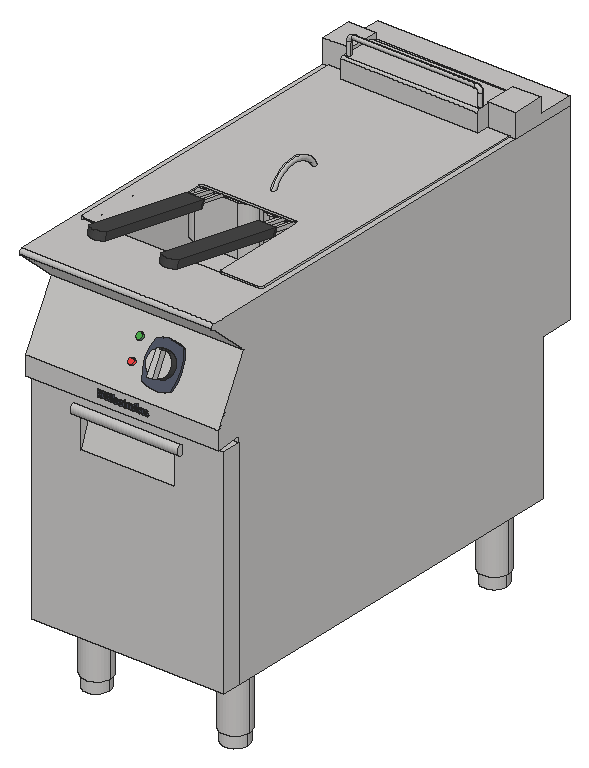
Revit family "QF_ELECTROLUXPROFESSIONAL_391094_E9FRED1HF0", category Specialty Equipment, Revit 2018
Family settings
  Round Connector Dimension = Use Diameter
  Part Type = Normal
  Work Plane-Based = No
  Always vertical = Yes
  Cut with Voids When Loaded = No
  Shared = No
  Room Calculation Point = No
Parameters
  Width = 400 mm  # constant formula
  Weight in Pounds = 57  # constant formula
  Watts = 0 W
  Volts = 400 V  # constant formula
  URL Cutsheet = "www.electrolux.com/foodservice"
  URL = "www.electrolux.com/foodservice"
  Type Mark [instance] = ""
  Status [instance] = ""
  Specification by User [instance] = ""
  Specification by Manufacturer = ""
  Show Logo [instance] = yes
  Show Clearance [instance] = yes
  Serial Number = ""
  Seismic Rating = ""
  SMACNA No = ""
  Revision Code [instance] = ""
  Phase = 3
  Omniclass Number and Title = ""
  Number of Poles [instance] = 1
  NAFEM Spec ID Number = ""
  Model = "391094"
  Min Ckt Ampacity = 0 A
  Max Overcurrent Protection = 0 A
  Masterspec = ""
  Manufacturer = "ELECTROLUX"
  Item Number [instance] = ""
  Installed By [instance] = ""
  Identify Quantity as Lot [instance] = yes
  Height = 851 mm  # constant formula
  HP = "22.1 HP"
  Furnished By [instance] = ""
  Foodservice Equipment Identifier [instance] = yes
  FL Amps = if(Phase = 3, Watts / (Volts * 1.73), Watts / Volts)  # 0 A
  Electrical Remarks [instance] = "400 V/3N ph/50/60 Hz"  # constant formula
  Electric Connection Type [instance] = ""
  Elec Conn RI Height [instance] = 0 mm
  Elec Conn Connection Height [instance] = 0 mm
  Direct Waste Size = 0"
  Description = "900XP ONE 18 LT WELL ELECTRIC FRYER -400 V"
  Depth = 930 mm  # constant formula
  Cycle [instance] = if([60 Hertz Option], 60 Hz, 50 Hz)  # 60 Hz
  Conn Plug = ""
  Conn Conduit = yes
  CSI MasterFormat = ""
  CSI Master Format = ""
  Base Height [instance] = 150 mm  # constant formula
  Apparent Power = if(Phase = 3, Volts * FL Amps * 1.73, Volts * FL Amps)  # 0 VA
  60 Hertz Option [instance] = not([50 Hertz Option])  # yes
  50 Hertz Option [instance] = no
Reference planes
  plane 1 "BACK": y = 0
  plane 2: z = 0
  plane 3 "LEFT": x = 0
  plane 4 "RIGHT": x = 400
  plane 5 "FRONT": y = -930
  plane 6 "TOP": z = 900
  plane 7 "Center Y": x = 200
  plane 8 "Center X": y = -465
  plane 9 "BASE": z = 601.763
  plane 10 "TOP A": z = 851
  plane 11: z = 150
  plane 12: y = -126
  plane 13: y = -800
  plane 14: y = -1273
  plane 15: x = 344
  plane 16: x = 56
  plane 17: x = 344
  plane 18: z = 915.999
  plane 19: z = 935
  plane 20: z = 935
  plane 21: x = 355
  plane 22: y = -1273
  plane 23: y = -1610
Forms (mm)
  Extrusion 1, solid, material "QF_Finishes_Stainless Steel"
    sketch origin (0, 0, 0) x (0, 1, 0) y (0, 0, 1)
      loop
        line (0, 851) -> (-923.65, 851)
        arc (-923.65, 851) -> (-929.517, 847.08) -> (-928.14, 840.16) r 6.35
        line (-928.14, 840.16) -> (-846.919, 767.809) -> (-913.522, 646.953) -> (-913.522, 608.853) -> (-860.15, 614.463) -> (-860.15, 150) -> (-70, 150) -> (-70, 451.763) -> (0, 451.763) -> (0, 851)
      loop
        line (-900, 601.763) -> (-900, 150) -> (-861.737, 150) -> (-861.737, 601.763) -> (-900, 601.763)
    from 0 to 400
  Extrusion 2, void
    sketch origin (0, 0, 851) x (-1, 0, 0) y (0, -1, 0)
      loop
        line (-33.338, 90.124) -> (-33.338, 787.143) -> (-366.662, 787.143) -> (-366.662, 90.124) -> (-33.338, 90.124)
    from 0 to -152.4
  Extrusion 3, solid, material "QF_Finishes_Stainless Steel"
    sketch origin (0, 0, 851) x (-1, 0, 0) y (0, -1, 0)
      loop
        arc (-11.548, 780.793) -> (-13.408, 785.283) -> (-17.898, 787.143) r 6.35
        line (-17.898, 787.143) -> (-90.863, 787.143)
        arc (-90.863, 787.143) -> (-95.353, 785.283) -> (-97.213, 780.793) r 6.35
        line (-97.213, 780.793) -> (-97.213, 586.546)
        arc (-97.213, 586.546) -> (-99.072, 582.055) -> (-103.563, 580.196) r 6.35
        line (-103.563, 580.196) -> (-293.937, 580.196)
        arc (-293.937, 580.196) -> (-298.428, 582.055) -> (-300.287, 586.546) r 6.35
        line (-300.287, 586.546) -> (-300.287, 780.818)
        arc (-300.287, 780.818) -> (-302.14, 785.291) -> (-306.612, 787.143) r 6.325
        line (-306.612, 787.143) -> (-382.102, 787.143)
        arc (-382.102, 787.143) -> (-386.592, 785.283) -> (-388.452, 780.793) r 6.35
        line (-388.452, 780.793) -> (-388.452, 141.304) -> (-11.548, 141.304) -> (-11.548, 780.793)
    from 0 to 2.574
  Sweep 4, solid, material "QF_Finishes_Stainless Steel"
    path origin (200, 10.469, 0) x (0, 1, 0) y (0, 0, 1)
      loop
        arc (-423.261, 851) -> (-477.7, 884.779) -> (-532.139, 851) r 60.757
    profile origin (200, -467.231, 884.779) x (0, 0, -1) y (1, 0, 0)
      loop
        circle (0, 0) r 4.353
  Sweep 5, solid, material "QF_Finishes_Stainless Steel"
    path origin (-1.25, 0, 0) x (1, 0, 0) y (0, 0, 1)
      loop
        line (67.188, 851) -> (67.188, 922.65)
        arc (67.188, 922.65) -> (69.047, 927.14) -> (73.538, 929) r 6.35
        line (73.538, 929) -> (329.725, 929)
        arc (329.725, 929) -> (334.215, 927.14) -> (336.075, 922.65) r 6.35
        line (336.075, 922.65) -> (336.075, 851)
    profile origin (65.938, 0, 886.825) x (-1, 0, 0) y (0, -1, 0)
      loop
        circle (2.09, 153.254) r 3.827
  Extrusion 6, solid, material "QF_Finishes_Navy Blue"
    sketch origin (99.675, -913.522, 646.19) x (0, 0.482654, 0.875811) y (-1, 0, 0)
      loop
        arc (105.826, -132.614) -> (68.798, -123.683) -> (31.333, -130.552) r 91.794
        arc (31.333, -130.552) -> (24.218, -161.14) -> (31.333, -191.729) r 69.309
        arc (31.333, -191.729) -> (68.788, -198.45) -> (105.826, -189.715) r 93.659
        arc (105.826, -189.715) -> (112.066, -161.165) -> (105.826, -132.614) r 68.434
    from 0 to 3.175
  Extrusion 7, solid, material "QF_Finishes_Stainless Steel"
    sketch origin (99.675, -916.303, 647.723) x (0, 0.482654, 0.875811) y (-1, 0, 0)
      loop
        circle (68.826, -160.963) r 25.4
    from 0 to 12.7
  Extrusion 8, solid, material "QF_Finishes_Stainless Steel"
    sketch origin (99.675, -927.425, 653.853) x (0, 0.482654, 0.875811) y (-1, 0, 0)
      loop
        arc (93.558, -166.749) -> (94.226, -160.963) -> (93.558, -155.177) r 25.4
        line (93.558, -155.177) -> (44.094, -155.177)
        arc (44.094, -155.177) -> (43.426, -160.963) -> (44.094, -166.749) r 25.4
        line (44.094, -166.749) -> (93.558, -166.749)
    from 0 to 12.7
  Extrusion 9, solid, material "QF_Finishes_Green"
    sketch origin (39.327, -913.522, 646.19) x (0, 0.482654, 0.875811) y (-1, 0, 0)
      loop
        circle (98.315, -160.648) r 6.35
    from 0 to 3.175
  Extrusion 10, solid, material "QF_Finishes_Red"
    sketch origin (39.327, -920.158, 634.148) x (0, 0.482654, 0.875811) y (-1, 0, 0)
      loop
        circle (68.272, -160.648) r 6.35
    from 0 to 3.175
  Extrusion 11, solid, material "QF_Clearances", visible <- "Show Clearance", detail levels coarse
    sketch origin (0, 0, 0) x (1, 0, 0) y (0, 1, 0)
      loop
        line (0, -930) -> (0, 0) -> (400, 0) -> (400, -930) -> (550.019, -930) -> (550.019, 150.019) -> (-150.019, 150.019) -> (-150.019, -930) -> (0, -930)
    from 0 to 900
  Extrusion 12, solid, material "QF_Finishes_Stainless Steel"
    sketch origin (190.962, 109.846, 107.43) x (0, 0.984808, 0.173648) y (0, -0.173648, 0.984808)
      loop
        line (-552.44, 743.096) -> (-534.513, 844.764) -> (-598.426, 869.678) -> (-600.732, 863.761) -> (-541.671, 840.739) -> (-558.694, 744.199) -> (-552.44, 743.096)
    from -80.476 to -74.619
  Extrusion 13, solid, material "QF_Finishes_Stainless Steel"
    sketch origin (59.088, 109.846, 107.43) x (0, 0.984808, 0.173648) y (0, 0.173648, -0.984808)
      loop
        line (-534.513, -844.764) -> (-552.44, -743.096) -> (-558.694, -744.199) -> (-541.671, -840.739) -> (-600.732, -863.761) -> (-598.426, -869.678) -> (-534.513, -844.764)
    from -80.476 to -74.619
  Revolve 14, solid, material "QF_Finishes_Stainless Steel"
    sketch origin (0, -126, 608.09) x (0, 0, 1) y (-1, 0, 0)
      loop
        line (-608.09, -56) -> (-458.09, -56) -> (-458.09, -26) -> (-583.09, -26) -> (-583.09, -29.75) -> (-608.09, -29.75) -> (-608.09, -56)
      axis (-608.09, -56) -> (-458.09, -56)
    angle from 0 to 360
  Revolve 15, solid, material "QF_Finishes_Stainless Steel"
    sketch origin (400.05, -126, 608.09) x (0, 0, 1) y (-1, 0, 0)
      loop
        line (-608.09, 56.05) -> (-608.09, 29.8) -> (-583.09, 29.8) -> (-583.09, 26.05) -> (-458.09, 26.05) -> (-458.09, 56.05) -> (-608.09, 56.05)
      axis (-608.09, 56.05) -> (-458.09, 56.05)
    angle from 0 to 360
  Extrusion 16, solid, material "QF_Door-Drawer Clearances", visible <- "Show Clearance", detail levels coarse
    sketch origin (0, 0, 851) x (-1, 0, 0) y (0, -1, 0)
      loop
        line (-400, 1273) -> (-400, 900) -> (-0.912, 900)
        arc (-0.912, 900) -> (-126.87, 1165.233) -> (-400, 1273) r 400
    from -701 to -249.237
  Extrusion 17, solid, material "QF_Finishes_Stainless Steel"
    sketch origin (209.038, 109.846, 107.43) x (0, 0.984808, 0.173648) y (0, 0.173648, -0.984808)
      loop
        line (-534.513, -844.764) -> (-552.44, -743.096) -> (-558.694, -744.199) -> (-541.671, -840.739) -> (-600.732, -863.761) -> (-598.426, -869.678) -> (-534.513, -844.764)
    from -80.476 to -74.619
  Extrusion 18, solid, material "QF_Finishes_Stainless Steel"
    sketch origin (340.912, 109.846, 107.43) x (0, 0.984808, 0.173648) y (0, -0.173648, 0.984808)
      loop
        line (-552.44, 743.096) -> (-534.513, 844.764) -> (-598.426, 869.678) -> (-600.732, 863.761) -> (-541.671, 840.739) -> (-558.694, 744.199) -> (-552.44, 743.096)
    from -80.476 to -74.619
  Revolve 19, solid, material "QF_Finishes_Stainless Steel"
    sketch origin (400.05, -800, 608.09) x (0, 0, 1) y (-1, 0, 0)
      loop
        line (-608.09, 56.05) -> (-608.09, 29.8) -> (-583.09, 29.8) -> (-583.09, 26.05) -> (-458.09, 26.05) -> (-458.09, 56.05) -> (-608.09, 56.05)
      axis (-608.09, 56.05) -> (-458.09, 56.05)
    angle from 0 to 360
  Extrusion 20, solid, material "QF_Finishes_Mesh"
    sketch origin (0, -64.779, 844.25) x (-1, 0, 0) y (0, -1, 0)
      loop
        arc (-76.6, 120.481) -> (-58.64, 127.92) -> (-51.2, 145.881) r 25.4
        line (-51.2, 145.881) -> (-51.2, 481.11)
        arc (-51.2, 481.11) -> (-58.64, 499.071) -> (-76.6, 506.51) r 25.4
        line (-76.6, 506.51) -> (-166.875, 506.51)
        arc (-166.875, 506.51) -> (-184.836, 499.071) -> (-192.275, 481.11) r 25.4
        line (-192.275, 481.11) -> (-192.275, 145.881)
        arc (-192.275, 145.881) -> (-184.836, 127.92) -> (-166.875, 120.481) r 25.4
        line (-166.875, 120.481) -> (-76.6, 120.481)
      loop
        arc (-76.6, 123.656) -> (-60.885, 130.165) -> (-54.375, 145.881) r 22.225
        line (-54.375, 145.881) -> (-54.375, 481.11)
        arc (-54.375, 481.11) -> (-60.885, 496.826) -> (-76.6, 503.335) r 22.225
        line (-76.6, 503.335) -> (-166.875, 503.335)
        arc (-166.875, 503.335) -> (-182.591, 496.826) -> (-189.1, 481.11) r 22.225
        line (-189.1, 481.11) -> (-189.1, 145.881)
        arc (-189.1, 145.881) -> (-182.591, 130.165) -> (-166.875, 123.656) r 22.225
        line (-166.875, 123.656) -> (-76.6, 123.656)
    from -109 to -5.315
  Extrusion 21, solid, material "QF_Finishes_Mesh"
    sketch origin (400, -64.779, 844.25) x (1, 0, 0) y (0, 1, 0)
      loop
        line (-76.6, -120.481) -> (-166.875, -120.481)
        arc (-166.875, -120.481) -> (-184.836, -127.92) -> (-192.275, -145.881) r 25.4
        line (-192.275, -145.881) -> (-192.275, -481.11)
        arc (-192.275, -481.11) -> (-184.836, -499.071) -> (-166.875, -506.51) r 25.4
        line (-166.875, -506.51) -> (-76.6, -506.51)
        arc (-76.6, -506.51) -> (-58.64, -499.071) -> (-51.2, -481.11) r 25.4
        line (-51.2, -481.11) -> (-51.2, -145.881)
        arc (-51.2, -145.881) -> (-58.64, -127.92) -> (-76.6, -120.481) r 25.4
      loop
        line (-76.6, -123.656) -> (-166.875, -123.656)
        arc (-166.875, -123.656) -> (-182.591, -130.165) -> (-189.1, -145.881) r 22.225
        line (-189.1, -145.881) -> (-189.1, -481.11)
        arc (-189.1, -481.11) -> (-182.591, -496.826) -> (-166.875, -503.335) r 22.225
        line (-166.875, -503.335) -> (-76.6, -503.335)
        arc (-76.6, -503.335) -> (-60.885, -496.826) -> (-54.375, -481.11) r 22.225
        line (-54.375, -481.11) -> (-54.375, -145.881)
        arc (-54.375, -145.881) -> (-60.885, -130.165) -> (-76.6, -123.656) r 22.225
    from -109 to -5.315
  Extrusion 22, solid, material "QF_Finishes_Stainless Steel"
    sketch origin (200, 0, 0) x (0, 1, 0) y (0, 0, 1)
      loop
        line (-141.304, 888.806) -> (-141.304, 851) -> (0, 851) -> (0, 869.806) -> (-75.122, 869.806) -> (-75.122, 888.806) -> (-141.304, 888.806)
    from -200 to 200
  Extrusion 23, solid, material "QF_Finishes_Stainless Steel"
    sketch origin (0, 0, 0) x (0, 1, 0) y (0, 0, 1)
      loop
        line (-90.124, 895.625) -> (-161.384, 895.625)
        arc (-161.384, 895.625) -> (-164.92, 894.161) -> (-166.384, 890.625) r 5
        line (-166.384, 890.625) -> (-166.384, 851) -> (-90.124, 851) -> (-90.124, 895.625)
    from 57.61 to 342.39
  Extrusion 24, solid, material "QF_Finishes_Stainless Steel"
    sketch origin (200, -141.304, 888.806) x (0, 1, 0) y (-1, 0, 0)
      loop
        line (0, 200) -> (0, 142.39) -> (66.182, 142.39) -> (66.182, 200) -> (0, 200)
      loop
        line (0, -200) -> (66.182, -200) -> (66.182, -142.39) -> (0, -142.39) -> (0, -200)
    from 0 to 11.194
  Extrusion 25, solid, material "QF_Finishes_Black"
    sketch origin (59.038, -843.725, 906.181) x (0, 0.980628, -0.195878) y (-1, 0, 0)
      loop
        arc (-39.897, -47.345) -> (-50.124, -65.962) -> (-39.897, -84.58) r 22.059
        line (-39.897, -84.58) -> (214.638, -84.58)
        arc (214.638, -84.58) -> (217.113, -83.554) -> (218.138, -81.08) r 3.5
        line (218.138, -81.08) -> (218.138, -50.854)
        arc (218.138, -50.854) -> (217.11, -48.372) -> (214.629, -47.345) r 3.509
        line (214.629, -47.345) -> (-39.897, -47.345)
    from -15.884 to 0
  Extrusion 26, solid, material "QF_Finishes_Black"
    sketch origin (209.038, -843.725, 906.181) x (0, 0.980628, -0.195878) y (-1, 0, 0)
      loop
        arc (-39.897, -47.345) -> (-50.124, -65.962) -> (-39.897, -84.58) r 22.059
        line (-39.897, -84.58) -> (214.787, -84.58)
        arc (214.787, -84.58) -> (217.262, -83.554) -> (218.287, -81.08) r 3.5
        line (218.287, -81.08) -> (218.287, -50.854)
        arc (218.287, -50.854) -> (217.259, -48.372) -> (214.778, -47.345) r 3.509
        line (214.778, -47.345) -> (-39.897, -47.345)
    from -15.884 to 0
  Extrusion 27, void
    sketch origin (200, -12.863, 0) x (0, 1, 0) y (0, 0, 1)
      loop
        line (-887.138, 564.263) -> (-887.138, 500.55) -> (-863.948, 564.263) -> (-887.138, 564.263)
    from -96.424 to 99.144
  Extrusion 28, solid, material "QF_Finishes_Stainless Steel"
    sketch origin (200, -12.863, 22.5) x (0, 1, 0) y (0, 0, 1)
      loop
        line (-887.137, 541.763) -> (-887.137, 561.763)
        arc (-887.137, 561.763) -> (-897.137, 551.763) -> (-887.137, 541.763) r 10
    from -110.529 to 112.106
  Revolve 29, solid, material "QF_Finishes_Stainless Steel"
    sketch origin (0, -800, 608.09) x (0, 0, 1) y (1, 0, 0)
      loop
        line (-608.09, 56) -> (-608.09, 29.75) -> (-583.09, 29.75) -> (-583.09, 26) -> (-458.09, 26) -> (-458.09, 56) -> (-608.09, 56)
      axis (-608.09, 56) -> (-458.09, 56)
    angle from 0 to 360
  Extrusion 30, solid, material "QF_Finishes_Navy Blue", visible <- "Show Logo"
    sketch origin (0, -913.522, 608.853) x (0, 0, 1) y (-1, 0, 0)
      loop
        line (27.359, -159.055) -> (14.993, -159.055)
        arc (14.993, -159.055) -> (21.176, -163.626) -> (27.359, -159.055) r 6.467
      loop
        arc (27.359, -158.426) -> (26.19, -153.283) -> (21.534, -150.805) r 6.338
        line (21.534, -150.805) -> (21.534, -152.851)
        arc (21.534, -152.851) -> (23.018, -156.506) -> (26.464, -158.426) r 5.941
        line (26.464, -158.426) -> (27.359, -158.426)
      loop
        arc (15.888, -158.426) -> (19.334, -156.506) -> (20.817, -152.851) r 5.941
        line (20.817, -152.851) -> (20.817, -150.805)
        arc (20.817, -150.805) -> (16.123, -153.279) -> (14.834, -158.426) r 6.504
        line (14.834, -158.426) -> (15.888, -158.426)
      loop
        line (28.034, -150.336) -> (14.29, -150.336) -> (14.29, -164.099) -> (28.034, -164.099) -> (28.034, -150.336)
      loop
        arc (28.118, -167.066) -> (27.77, -166.709) -> (27.403, -167.047) r 0.358
        arc (27.403, -167.047) -> (27.089, -167.797) -> (26.372, -168.182) r 1.216
        line (26.372, -168.182) -> (15.959, -168.182)
        arc (15.959, -168.182) -> (15.299, -167.904) -> (14.903, -167.308) r 1.238
        arc (14.903, -167.308) -> (14.509, -167.057) -> (14.203, -167.411) r 0.358
        line (14.203, -167.411) -> (14.203, -177.29) -> (16.954, -177.29) -> (16.954, -176.393)
        arc (16.954, -176.393) -> (16.045, -175.813) -> (15.589, -174.836) r 1.928
        line (15.589, -174.836) -> (15.589, -172.337)
        arc (15.589, -172.337) -> (15.865, -171.608) -> (16.553, -171.244) r 1.101
        line (16.553, -171.244) -> (20.64, -171.244) -> (20.64, -174.917)
        arc (20.64, -174.917) -> (20.287, -175.414) -> (19.722, -175.642) r 1.083
        arc (19.722, -175.642) -> (19.459, -175.948) -> (19.751, -176.226) r 0.292
        line (19.751, -176.226) -> (22.713, -176.226)
        arc (22.713, -176.226) -> (23.016, -175.953) -> (22.777, -175.623) r 0.305
        arc (22.777, -175.623) -> (22.286, -175.375) -> (21.981, -174.917) r 1.083
        line (21.981, -174.917) -> (21.981, -171.244) -> (26.659, -171.244) -> (26.659, -174.991)
        arc (26.659, -174.991) -> (26.444, -175.747) -> (25.838, -176.245) r 1.314
        arc (25.838, -176.245) -> (25.619, -176.649) -> (25.973, -176.941) r 0.361
        line (25.973, -176.941) -> (28.118, -176.941) -> (28.118, -167.066)
      loop
        arc (27.4, -177.722) -> (27.02, -178.641) -> (26.101, -179.021) r 1.299
        line (26.101, -179.021) -> (16.522, -179.021)
        arc (16.522, -179.021) -> (15.684, -178.643) -> (15.413, -177.765) r 1.118
        line (15.413, -177.765) -> (14.203, -177.765) -> (14.203, -183.115) -> (15.391, -183.115)
        arc (15.391, -183.115) -> (15.663, -182.198) -> (16.533, -181.802) r 1.153
        line (16.533, -181.802) -> (28.605, -181.802) -> (27.4, -177.722)
      loop
        line (19.168, -185.751) -> (19.168, -192.198) -> (19.967, -192.198)
        arc (19.967, -192.198) -> (22.547, -191.214) -> (23.816, -188.76) r 3.874
        line (23.816, -188.76) -> (23.816, -187)
        arc (23.816, -187) -> (22.629, -184.135) -> (19.765, -182.949) r 4.051
        line (19.765, -182.949) -> (17.757, -182.949)
        arc (17.757, -182.949) -> (14.938, -184.434) -> (13.887, -187.441) r 4.352
        arc (13.887, -187.441) -> (14.251, -189.904) -> (15.629, -191.978) r 5.713
        line (15.629, -191.978) -> (16.578, -191.978)
        arc (16.578, -191.978) -> (15.845, -190.409) -> (15.629, -188.691) r 5.579
        arc (15.629, -188.691) -> (16.422, -186.728) -> (18.301, -185.751) r 3.057
        line (18.301, -185.751) -> (19.168, -185.751)
      loop
        line (20.427, -185.751) -> (20.427, -189.333)
        arc (20.427, -189.333) -> (21.884, -189.38) -> (22.767, -188.221) r 1.59
        line (22.767, -188.221) -> (22.767, -187.391)
        arc (22.767, -187.391) -> (21.902, -186.136) -> (20.427, -185.751) r 2.184
      loop
        arc (23.218, -201.616) -> (23.707, -199.942) -> (23.864, -198.205) r 9.023
        line (23.864, -198.205) -> (23.864, -196.843)
        arc (23.864, -196.843) -> (22.705, -194.043) -> (19.905, -192.883) r 3.959
        line (19.905, -192.883) -> (17.305, -192.883)
        arc (17.305, -192.883) -> (15.023, -194.176) -> (13.906, -196.549) r 4.331
        line (13.906, -196.549) -> (13.906, -198.684)
        arc (13.906, -198.684) -> (14.414, -200.234) -> (15.336, -201.58) r 5.772
        arc (15.336, -201.58) -> (16.098, -201.631) -> (16.184, -200.872) r 0.553
        arc (16.184, -200.872) -> (15.796, -200.138) -> (15.662, -199.319) r 2.573
        line (15.662, -199.319) -> (15.662, -197.804)
        arc (15.662, -197.804) -> (16.668, -196.162) -> (18.483, -195.52) r 2.884
        line (18.483, -195.52) -> (19.762, -195.52)
        arc (19.762, -195.52) -> (21.583, -196.08) -> (22.509, -197.745) r 2.554
        line (22.509, -197.745) -> (22.509, -198.798)
        arc (22.509, -198.798) -> (22.178, -199.726) -> (21.521, -200.461) r 2.564
        arc (21.521, -200.461) -> (21.299, -201.178) -> (21.909, -201.616) r 0.643
        line (21.909, -201.616) -> (23.218, -201.616)
      loop
        line (22.2, -201.886) -> (22.2, -203.387) -> (16.152, -203.387)
        arc (16.152, -203.387) -> (14.564, -204.045) -> (13.906, -205.633) r 2.246
        line (13.906, -205.633) -> (13.906, -207.217)
        arc (13.906, -207.217) -> (14.22, -208.081) -> (14.72, -208.853) r 4.06
        arc (14.72, -208.853) -> (15.453, -208.986) -> (15.704, -208.285) r 0.576
        arc (15.704, -208.285) -> (15.598, -207.759) -> (15.662, -207.227) r 1.69
        arc (15.662, -207.227) -> (16.204, -206.439) -> (17.11, -206.136) r 1.506
        line (17.11, -206.136) -> (22.248, -206.136) -> (22.248, -208.533) -> (22.805, -209.089) -> (23.626, -209.089) -> (23.626, -206.23) -> (26.857, -206.23) -> (22.2, -201.886)
      loop
        line (14.124, -209.987) -> (14.124, -215.374) -> (15.234, -215.374)
        arc (15.234, -215.374) -> (15.627, -214.423) -> (16.578, -214.029) r 1.345
        line (16.578, -214.029) -> (20.195, -214.029)
        arc (20.195, -214.029) -> (20.959, -214.621) -> (21.249, -215.543) r 1.615
        line (21.249, -215.543) -> (21.249, -217.099) -> (23.805, -217.784) -> (23.805, -216.401) -> (21.862, -213.842) -> (23.742, -213.842) -> (23.458, -211.136)
        arc (23.458, -211.136) -> (23.018, -210.606) -> (22.359, -210.807) r 0.621
        arc (22.359, -210.807) -> (21.959, -211.149) -> (21.465, -211.332) r 1.501
        line (21.465, -211.332) -> (16.578, -211.332)
        arc (16.578, -211.332) -> (15.627, -210.938) -> (15.234, -209.987) r 1.345
        line (15.234, -209.987) -> (14.124, -209.987)
      loop
        line (20.225, -217.321) -> (17.533, -217.321)
        arc (17.533, -217.321) -> (15.088, -218.629) -> (13.954, -221.159) r 4.288
        arc (13.954, -221.159) -> (13.89, -222.54) -> (13.954, -223.92) r 15.022
        arc (13.954, -223.92) -> (15.088, -226.451) -> (17.533, -227.758) r 4.288
        line (17.533, -227.758) -> (20.225, -227.758)
        arc (20.225, -227.758) -> (22.671, -226.451) -> (23.805, -223.92) r 4.288
        arc (23.805, -223.92) -> (23.868, -222.54) -> (23.805, -221.159) r 15.022
        arc (23.805, -221.159) -> (22.671, -218.629) -> (20.225, -217.321) r 4.288
      loop
        line (20.43, -220.435) -> (17.328, -220.435)
        arc (17.328, -220.435) -> (15.171, -222.592) -> (17.328, -224.749) r 2.157
        line (17.328, -224.749) -> (20.43, -224.749)
        arc (20.43, -224.749) -> (22.587, -222.592) -> (20.43, -220.435) r 2.157
      loop
        arc (27.411, -227.616) -> (27.041, -228.51) -> (26.147, -228.881) r 1.264
        line (26.147, -228.881) -> (16.282, -228.881)
        arc (16.282, -228.881) -> (15.412, -228.484) -> (15.141, -227.568) r 1.153
        line (15.141, -227.568) -> (14.203, -227.568) -> (14.203, -232.676) -> (15.131, -232.676)
        arc (15.131, -232.676) -> (15.49, -231.904) -> (16.282, -231.589) r 1.153
        line (16.282, -231.589) -> (28.605, -231.589) -> (27.411, -227.616)
      loop
        arc (22.531, -232.213) -> (22.332, -233.278) -> (21.363, -233.76) r 1.215
        line (21.363, -233.76) -> (16.343, -233.76)
        arc (16.343, -233.76) -> (14.728, -234.407) -> (14.008, -235.99) r 2.338
        line (14.008, -235.99) -> (14.008, -237.505)
        arc (14.008, -237.505) -> (14.182, -238.509) -> (14.684, -239.395) r 2.979
        line (14.684, -239.395) -> (14.203, -241.192) -> (14.203, -242.88) -> (23.629, -242.88) -> (23.335, -238.677) -> (22.548, -238.677)
        arc (22.548, -238.677) -> (22.192, -239.513) -> (21.44, -240.022) r 1.605
        line (21.44, -240.022) -> (16.337, -240.022)
        arc (16.337, -240.022) -> (15.917, -239.085) -> (15.844, -238.061) r 2.94
        arc (15.844, -238.061) -> (16.405, -236.96) -> (17.558, -236.517) r 1.724
        line (17.558, -236.517) -> (23.755, -236.517) -> (22.531, -232.213)
      loop
        line (23.559, -243.734) -> (21.887, -245.78) -> (18.713, -248.086) -> (15.257, -244.974)
        arc (15.257, -244.974) -> (15.02, -244.58) -> (15.042, -244.121) r 0.789
        line (15.042, -244.121) -> (14.203, -244.121) -> (14.203, -247.666) -> (15.029, -247.666)
        arc (15.029, -247.666) -> (15.372, -247.304) -> (15.862, -247.396) r 0.52
        line (15.862, -247.396) -> (17.661, -248.867) -> (15.543, -250.242)
        arc (15.543, -250.242) -> (15.142, -249.932) -> (15.055, -249.433) r 0.7
        line (15.055, -249.433) -> (14.203, -249.433) -> (14.203, -255.36) -> (15.09, -255.36)
        arc (15.09, -255.36) -> (15.157, -254.701) -> (15.552, -254.17) r 1.247
        line (15.552, -254.17) -> (19.751, -250.889) -> (22.198, -252.942) -> (23.559, -254.684) -> (23.559, -250.96) -> (22.074, -251.383) -> (20.553, -250.106) -> (22.253, -248.916) -> (23.559, -249.692) -> (23.559, -243.734)
    from 0 to 1.644
  Extrusion 31, solid, material "QF_Finishes_Stainless Steel"
    sketch origin (0, 0, 150) x (-1, 0, 0) y (0, 1, 0)
      loop
        circle (-355, -650) r 6.35
    from 0 to 8
  Extrusion 32, solid, material "QF_Clearances", visible <- "Show Clearance", detail levels coarse
    sketch origin (0, 0, 0) x (1, 0, 0) y (0, 1, 0)
      loop
        line (80, -900) -> (80, -1610) -> (320, -1610) -> (320, -900) -> (80, -900)
    from 150 to 601.763
Cuts and joins
  Extrusion 2, Extrusion 27 cuts Extrusion 1
  joined: Extrusion 7, Extrusion 8
  joined: Extrusion 3, Sweep 4, Sweep 5, Extrusion 22, Extrusion 23, Extrusion 24
Lines and regions (mm)
  symbolic lines, style "QF_Clearances", visible <- "Show Clearance", detail levels coarse
    curve 1: line (-150.019, 150.019, 851) -> (-150.019, -930, 851)
    curve 2: line (550.019, 150.019, 851) -> (-150.019, 150.019, 851)
    curve 3: line (550.019, -930, 851) -> (550.019, 150.019, 851)
    curve 63: line (80, -1610, 851) -> (80, -930, 851)
    curve 64: line (80, -1610, 851) -> (320, -1610, 851)
    curve 65: line (320, -1610, 851) -> (320, -930, 851)
  symbolic lines
    curve 4: line (0, -930, 851) -> (0, 0, 851)
    curve 5: line (400, 0, 851) -> (400, -930, 851)
    curve 6: line (11.548, -141.304, 851) -> (11.548, -780.849, 851)
    curve 7: arc (11.548, -780.849, 851) -> (13.428, -785.386, 851) -> (17.965, -787.265, 851) r 6.416
    curve 8: line (17.965, -787.265, 851) -> (106.383, -787.265, 851)
    curve 9: arc (90.94, -787.265, 851) -> (95.375, -785.428, 851) -> (97.213, -780.993, 851) r 6.272
    curve 10: line (97.213, -780.993, 851) -> (97.213, -586.546, 851)
    curve 11: arc (97.213, -586.546, 851) -> (99.072, -582.055, 851) -> (103.563, -580.196, 851) r 6.35
    curve 12: line (103.563, -580.196, 851) -> (293.937, -580.196, 851)
    curve 13: arc (293.937, -580.196, 851) -> (298.428, -582.055, 851) -> (300.287, -586.546, 851) r 6.35
    curve 14: line (300.287, -586.546, 851) -> (300.287, -780.818, 851)
    curve 15: arc (300.287, -780.818, 851) -> (302.14, -785.291, 851) -> (306.613, -787.143, 851) r 6.325
    curve 16: line (293.617, -787.143, 851) -> (382.234, -787.143, 851)
    curve 17: arc (382.234, -787.143, 851) -> (386.63, -785.322, 851) -> (388.452, -780.925, 851) r 6.218
    curve 18: line (388.452, -780.925, 851) -> (388.452, -141.304, 851)
    curve 19: line (400, -141.304, 851) -> (342.39, -141.304, 851)
    curve 20: line (143.617, -887.764, 851) -> (143.617, -633.047, 851)
    curve 21: line (106.383, -633.056, 851) -> (106.383, -887.764, 851)
    curve 22: line (140.117, -629.666, 851) -> (109.892, -629.666, 851)
    curve 23: spline (143.617, -887.764, 851) -> (141.385, -890.426, 851) -> (138.694, -892.714, 851) -> (135.621, -894.563, 851) -> (132.25, -895.922, 851) -> (128.676, -896.753, 851) -> (125, -897.033, 851) -> (121.324, -896.753, 851) -> (117.75, -895.922, 851) -> (114.379, -894.563, 851) -> (111.306, -892.714, 851) -> (108.615, -890.426, 851) -> (106.383, -887.764, 851)
    curve 24: line (116.318, -580.196, 851) -> (116.318, -629.666, 851)
    curve 25: line (110.462, -629.666, 851) -> (110.462, -580.196, 851)
    curve 26: line (139.538, -580.196, 851) -> (139.538, -629.666, 851)
    curve 27: line (133.682, -629.666, 851) -> (133.682, -580.196, 851)
    curve 28: spline (106.383, -883.551, 851) -> (108.615, -886.214, 851) -> (111.306, -888.501, 851) -> (114.379, -890.351, 851) -> (117.75, -891.71, 851) -> (121.324, -892.541, 851) -> (125, -892.82, 851) -> (128.676, -892.541, 851) -> (132.25, -891.71, 851) -> (135.621, -890.351, 851) -> (138.694, -888.501, 851) -> (141.385, -886.214, 851) -> (143.617, -883.551, 851)
    curve 29: line (195.545, -518.432, 851) -> (195.545, -416.969, 851)
    curve 30: line (204.443, -416.969, 851) -> (204.443, -518.432, 851)
    curve 31: arc (195.545, -518.432, 851) -> (199.994, -522.882, 851) -> (204.443, -518.432, 851) r 4.449
    curve 32: arc (195.545, -416.969, 851) -> (199.994, -412.52, 851) -> (204.443, -416.969, 851) r 4.449
    curve 33: line (400, -930, 851) -> (0, -930, 851)
    curve 36: line (259.892, -629.666, 851) -> (290.117, -629.666, 851)
    curve 37: line (283.682, -580.196, 851) -> (283.682, -629.666, 851)
    curve 38: line (289.538, -629.666, 851) -> (289.538, -580.196, 851)
    curve 39: line (260.462, -580.196, 851) -> (260.462, -629.666, 851)
    curve 40: line (266.318, -629.666, 851) -> (266.318, -580.196, 851)
    curve 41: line (57.61, -75.122, 851) -> (57.61, -161.384, 851)
    curve 42: line (62.61, -166.384, 851) -> (337.39, -166.384, 851)
    curve 43: line (342.39, -161.384, 851) -> (342.39, -75.122, 851)
    curve 44: line (64.019, -149.27, 851) -> (336.918, -149.27, 851)
    curve 45: line (336.918, -157.167, 851) -> (64.019, -157.167, 851)
    curve 46: arc (336.918, -149.27, 851) -> (340.866, -153.219, 851) -> (336.918, -157.167, 851) r 3.948
    curve 47: arc (64.019, -149.27, 851) -> (60.071, -153.219, 851) -> (64.019, -157.167, 851) r 3.948
    curve 48: line (0, -75.122, 851) -> (400, -75.122, 851)
    curve 49: line (57.61, -90.124, 851) -> (342.39, -90.124, 851)
    curve 50: arc (337.39, -166.384, 851) -> (340.926, -164.92, 851) -> (342.39, -161.384, 851) r 5
    curve 51: arc (57.61, -161.384, 851) -> (59.074, -164.92, 851) -> (62.61, -166.384, 851) r 5
    curve 52: line (57.61, -141.304, 851) -> (0, -141.304, 851)
    curve 53: line (0, 0, 851) -> (400, 0, 851)
    curve 54: spline (293.617, -887.764, 851) -> (291.385, -890.426, 851) -> (288.694, -892.714, 851) -> (285.621, -894.563, 851) -> (282.25, -895.922, 851) -> (278.676, -896.753, 851) -> (275, -897.033, 851) -> (271.324, -896.753, 851) -> (267.75, -895.922, 851) -> (264.379, -894.563, 851) -> (261.306, -892.714, 851) -> (258.615, -890.426, 851) -> (256.383, -887.764, 851)
    curve 55: spline (256.383, -883.551, 851) -> (258.615, -886.214, 851) -> (261.306, -888.501, 851) -> (264.379, -890.351, 851) -> (267.75, -891.71, 851) -> (271.324, -892.541, 851) -> (275, -892.82, 851) -> (278.676, -892.541, 851) -> (282.25, -891.71, 851) -> (285.621, -890.351, 851) -> (288.694, -888.501, 851) -> (291.385, -886.214, 851) -> (293.617, -883.551, 851)
    curve 56: line (293.617, -633.047, 851) -> (293.617, -887.764, 851)
    curve 57: line (256.383, -887.764, 851) -> (256.383, -633.056, 851)
    curve 58: spline (259.892, -629.666, 851) -> (259.434, -629.695, 851) -> (258.983, -629.782, 851) -> (258.549, -629.924, 851) -> (258.137, -630.12, 851) -> (257.755, -630.367, 851) -> (257.41, -630.659, 851) -> (257.108, -630.992, 851) -> (256.853, -631.361, 851) -> (256.65, -631.759, 851) -> (256.502, -632.178, 851) -> (256.413, -632.613, 851) -> (256.383, -633.056, 851)
    curve 59: spline (293.617, -633.047, 851) -> (293.588, -632.606, 851) -> (293.498, -632.172, 851) -> (293.351, -631.753, 851) -> (293.149, -631.357, 851) -> (292.894, -630.989, 851) -> (292.592, -630.656, 851) -> (292.248, -630.365, 851) -> (291.867, -630.119, 851) -> (291.457, -629.924, 851) -> (291.023, -629.781, 851) -> (290.574, -629.695, 851) -> (290.117, -629.666, 851)
    curve 60: spline (109.892, -629.666, 851) -> (109.434, -629.695, 851) -> (108.983, -629.782, 851) -> (108.549, -629.924, 851) -> (108.137, -630.12, 851) -> (107.755, -630.367, 851) -> (107.41, -630.659, 851) -> (107.108, -630.992, 851) -> (106.853, -631.361, 851) -> (106.65, -631.759, 851) -> (106.502, -632.178, 851) -> (106.413, -632.613, 851) -> (106.383, -633.056, 851)
    curve 61: spline (143.617, -633.047, 851) -> (143.588, -632.606, 851) -> (143.498, -632.172, 851) -> (143.351, -631.753, 851) -> (143.149, -631.357, 851) -> (142.894, -630.989, 851) -> (142.592, -630.656, 851) -> (142.248, -630.365, 851) -> (141.867, -630.119, 851) -> (141.457, -629.924, 851) -> (141.023, -629.781, 851) -> (140.574, -629.695, 851) -> (140.117, -629.666, 851)
    curve 62: line (143.617, -787.143, 851) -> (256.383, -787.143, 851)
  symbolic lines, style "QF_Door-Drawer Clearances"
    curve 34: arc (4.082, -930, 851) -> (24.062, -1009.639, 851) -> (59.881, -1083.521, 851) r 400
    curve 35: line (59.881, -1083.521, 851) -> (325.76, -930, 851)
Dimensions and locks
  equal spacing: plane 3 "LEFT", plane 7 "Center Y", plane 4 "RIGHT"
  "Width": plane 3 "LEFT" to plane 4 "RIGHT"
  equal spacing: plane 5 "FRONT", plane 8 "Center X", plane 1 "BACK"
  "Depth": plane 5 "FRONT" to plane 1 "BACK"
  plane 1 "BACK" to plane 5 "FRONT" = 930 mm
  "Base Height": plane 11 to level
  plane 11 to level = 150 mm
  locked: Sweep 5 sketch curve to plane 10 "TOP A" at 78
  plane 1 "BACK" to plane 12 = 126 mm
  plane 12 to plane 13 = 674 mm
  locked: plane 6 "TOP" to Extrusion 22 sketch curve at 11.194
  locked: plane 6 "TOP" to Extrusion 23 sketch curve at 4.375
  plane 13 to cut or joined group of Extrusion 1, Extrusion 2, Extrusion 27 = 100 mm
  locked: plane 14 to plane 5 "FRONT" at 343
  plane 4 "RIGHT" to plane 15 = 56 mm
  plane 17 to plane 16 = 288 mm
  plane 16 to plane 3 "LEFT" = 56 mm
  plane 18 to plane 10 "TOP A" = 64.999 mm
  plane 10 "TOP A" to plane 20 = 84 mm
  plane 5 "FRONT" to plane 1 "BACK" = 930 mm
  plane 4 "RIGHT" to plane 3 "LEFT" = 400 mm
  plane 10 "TOP A" to plane 11 = 701 mm
  plane 6 "TOP" to level = 900 mm
  Extrusion 31 sketch curve to plane 1 "BACK" = 650 mm
  Extrusion 31 sketch curve to plane 4 "RIGHT" = 45 mm
  plane 11 to Extrusion 31 = 8 mm  (x2)
  plane 21 to plane 4 "RIGHT" = 45 mm
  plane 1 "BACK" to Extrusion 31 = 650 mm
  plane 5 "FRONT" to plane 22 = 343 mm
  plane 5 "FRONT" to plane 23 = 680 mm
  plane 4 "RIGHT" to curve 3 = 150.019 mm
  curve 1 to plane 3 "LEFT" = 150.019 mm
  curve 2 to plane 1 "BACK" = 150.019 mm
  "Height": plane 10 "TOP A" to Extrusion 11
  aligned and locked: level to plane 2
  aligned and locked: plane 4 "RIGHT" to Extrusion 1
  aligned and locked: plane 6 "TOP" to Extrusion 11
  aligned and locked: plane 13 to Revolve 19
  aligned and locked: plane 12 to Revolve 14
  aligned and locked: plane 12 to Revolve 15
  aligned and locked: plane 4 "RIGHT" to Extrusion 22
  aligned and locked: plane 6 "TOP" to Extrusion 24
  aligned and locked: Extrusion 23 to cut or joined group of Extrusion 1, Extrusion 2, Extrusion 27
  aligned and locked: plane 14 to Extrusion 16 sketch curve
  aligned and locked: Extrusion 12 to Extrusion 25
  aligned and locked: plane 13 to Revolve 29
  aligned and locked: plane 5 "FRONT" to Extrusion 11  (x2)
  aligned and locked: plane 5 "FRONT" to curve 1
  aligned and locked: plane 5 "FRONT" to curve 3
Automatic sketch dimensions
  Sweep 4 sketch curve to plane 10 "TOP A" = 0 mm  (x2)
  Sweep 4 sketch curve to plane 8 "Center X" = 56.67 mm
  Sweep 4 sketch curve to plane 8 "Center X" = 2.231 mm
  Sweep 4 sketch curve to plane 10 "TOP A" = 26.978 mm
  Sweep 4 sketch curve to plane 7 "Center Y" = 0 mm
  Sweep 4 sketch curve to profile plane = 0 mm
  Sweep 5 sketch curve to plane 10 "TOP A" = 0 mm  (x2)
  plane 16 to Sweep 5 sketch curve = 9.937 mm
  Sweep 5 sketch curve to Sweep 5 sketch curve = 6.35 mm  (x2)
  Sweep 5 sketch curve to plane 15 = 15.525 mm
  Sweep 5 sketch curve to profile plane = 2.09 mm
  plane 1 "BACK" to Sweep 5 sketch curve = 153.254 mm
  plane 7 "Center Y" to Extrusion 6 sketch curve = 30.227 mm
  Extrusion 6 sketch curve to plane 15 = 52.596 mm
  Extrusion 6 sketch curve to Extrusion 6 sketch curve = 0 mm
  Extrusion 6 sketch curve to Extrusion 6 sketch curve = 12.3 mm  (x3)
  Extrusion 6 sketch curve to Extrusion 6 sketch curve = 34.925 mm  (x2)
  plane 7 "Center Y" to Extrusion 6 sketch curve = 4.5 mm
  Extrusion 6 sketch curve to Extrusion 6 sketch curve = 49.894 mm
  Extrusion 6 sketch curve to plane 15 = 28.883 mm
  Extrusion 8 sketch curve to Extrusion 8 sketch curve = 24.732 mm
  Extrusion 8 sketch curve to Extrusion 8 sketch curve = 0 mm
  Extrusion 9 sketch curve to plane 7 "Center Y" = 0.025 mm
  Extrusion 10 sketch curve to plane 7 "Center Y" = 0.025 mm
  plane 10 "TOP A" to Extrusion 13 sketch curve = 2.752 mm
  Extrusion 13 sketch curve to plane 8 "Center X" = 166.75 mm
  Extrusion 13 sketch curve to Extrusion 13 sketch curve = 2.306 mm
  Extrusion 13 sketch curve to Extrusion 13 sketch curve = 42.039 mm
  Extrusion 13 sketch curve to Extrusion 13 sketch curve = 6.254 mm
  Extrusion 13 sketch curve to Extrusion 13 sketch curve = 59.061 mm
  Extrusion 13 sketch curve to Extrusion 13 sketch curve = 7.158 mm
  Extrusion 13 sketch curve to Extrusion 13 sketch curve = 5.916 mm
  plane 10 "TOP A" to Extrusion 17 sketch curve = 2.752 mm
  Extrusion 17 sketch curve to plane 8 "Center X" = 166.75 mm
  Extrusion 17 sketch curve to Extrusion 17 sketch curve = 2.306 mm
  Extrusion 17 sketch curve to Extrusion 17 sketch curve = 42.039 mm
  Extrusion 17 sketch curve to Extrusion 17 sketch curve = 6.254 mm
  Extrusion 17 sketch curve to Extrusion 17 sketch curve = 59.061 mm
  Extrusion 17 sketch curve to Extrusion 17 sketch curve = 7.158 mm
  Extrusion 17 sketch curve to Extrusion 17 sketch curve = 5.916 mm
  plane 10 "TOP A" to Extrusion 18 sketch curve = 2.752 mm
  Extrusion 18 sketch curve to plane 8 "Center X" = 166.75 mm
  Extrusion 18 sketch curve to Extrusion 18 sketch curve = 2.306 mm
  Extrusion 18 sketch curve to Extrusion 18 sketch curve = 42.039 mm
  Extrusion 18 sketch curve to Extrusion 18 sketch curve = 6.254 mm
  Extrusion 18 sketch curve to Extrusion 18 sketch curve = 59.061 mm
  Extrusion 18 sketch curve to Extrusion 18 sketch curve = 7.158 mm
  Extrusion 18 sketch curve to Extrusion 18 sketch curve = 18.997 mm
  plane 7 "Center Y" to Extrusion 26 sketch curve = 56.383 mm
  Extrusion 26 sketch curve to Extrusion 26 sketch curve = 0 mm
  Extrusion 26 sketch curve to Extrusion 26 sketch curve = 11.832 mm
  plane 7 "Center Y" to Extrusion 26 sketch curve = 59.892 mm
  Extrusion 26 sketch curve to Extrusion 26 sketch curve = 242.842 mm
  Extrusion 26 sketch curve to Extrusion 26 sketch curve = 3.5 mm
  Extrusion 26 sketch curve to Extrusion 26 sketch curve = 18.617 mm
  Extrusion 1 sketch curve to plane 10 "TOP A" = 0 mm
  Extrusion 1 sketch curve to plane 9 "BASE" = 0 mm
  Extrusion 1 sketch curve to plane 11 = 0 mm  (x2)
  Extrusion 1 sketch curve to plane 1 "BACK" = 0 mm
  Extrusion 1 sketch curve to plane 12 = 56 mm
  plane 13 to Extrusion 1 sketch curve = 46.919 mm
  plane 9 "BASE" to Extrusion 1 sketch curve = 12.7 mm
  plane 13 to Extrusion 1 sketch curve = 60.15 mm
  Extrusion 1 sketch curve to Extrusion 1 sketch curve = 1.588 mm
  Extrusion 1 sketch curve to plane 5 "FRONT" = 30 mm
  Extrusion 1 sketch curve to plane 5 "FRONT" = 16.478 mm
  Extrusion 1 sketch curve to plane 5 "FRONT" = 6.35 mm
  Extrusion 1 sketch curve to plane 5 "FRONT" = 1.86 mm
  Extrusion 1 sketch curve to plane 9 "BASE" = 150 mm
  plane 9 "BASE" to Extrusion 1 sketch curve = 7.09 mm
  Extrusion 1 sketch curve to Extrusion 1 sketch curve = 38.1 mm
  Extrusion 1 sketch curve to plane 10 "TOP A" = 83.191 mm
  Extrusion 1 sketch curve to plane 10 "TOP A" = 10.84 mm
  Extrusion 2 sketch curve to plane 21 = 11.662 mm
  Extrusion 2 sketch curve to plane 16 = 22.662 mm
  Extrusion 2 sketch curve to plane 12 = 35.876 mm
  Extrusion 2 sketch curve to plane 13 = 12.857 mm
  Extrusion 3 sketch curve to plane 4 "RIGHT" = 11.548 mm
  Extrusion 3 sketch curve to Extrusion 3 sketch curve = 6.35 mm  (x3)
  Extrusion 3 sketch curve to plane 13 = 12.857 mm
  Extrusion 3 sketch curve to plane 15 = 37.387 mm
  Extrusion 3 sketch curve to plane 15 = 43.713 mm
  plane 16 to Extrusion 3 sketch curve = 47.563 mm
  Extrusion 3 sketch curve to plane 13 = 19.207 mm
  plane 16 to Extrusion 3 sketch curve = 41.213 mm
  plane 3 "LEFT" to Extrusion 3 sketch curve = 17.898 mm
  plane 3 "LEFT" to Extrusion 3 sketch curve = 11.548 mm
  Extrusion 3 sketch curve to plane 8 "Center X" = 121.546 mm
  plane 12 to Extrusion 3 sketch curve = 15.304 mm
  plane 5 "FRONT" to Extrusion 11 sketch curve = 0 mm  (x2)
  plane 1 "BACK" to Extrusion 11 sketch curve = 0 mm
  Extrusion 11 sketch curve to plane 3 "LEFT" = 0 mm
  Extrusion 11 sketch curve to plane 4 "RIGHT" = 0 mm
  Extrusion 11 sketch curve to plane 3 "LEFT" = 150.019 mm
  plane 4 "RIGHT" to Extrusion 11 sketch curve = 150.019 mm
  Extrusion 11 sketch curve to plane 1 "BACK" = 150.019 mm
  curve 48 to plane 4 "RIGHT" = 0 mm
  curve 34 to plane 4 "RIGHT" = 0 mm
  plane 5 "FRONT" to curve 35 = 0 mm
  curve 64 to plane 23 = 0 mm
  plane 1 "BACK" to curve 53 = 0 mm
  curve 53 to plane 3 "LEFT" = 0 mm
  curve 18 to plane 4 "RIGHT" = 11.548 mm
  curve 17 to curve 17 = 6.218 mm
  curve 19 to plane 15 = 1.61 mm
  curve 42 to plane 15 = 6.61 mm
  curve 46 to plane 15 = 7.082 mm
  curve 35 to plane 15 = 18.24 mm
  curve 64 to plane 15 = 24 mm
  curve 15 to plane 13 = 12.857 mm
  curve 15 to plane 15 = 37.387 mm
  curve 14 to plane 15 = 43.713 mm
  curve 55 to plane 15 = 46.941 mm
  curve 54 to curve 55 = 0 mm  (x2)
  curve 13 to curve 13 = 6.35 mm
  curve 13 to curve 59 = 0.32 mm
  curve 59 to curve 59 = 3.5 mm
  curve 13 to curve 38 = 4.399 mm
  curve 38 to curve 37 = 5.857 mm
  curve 55 to curve 55 = 18.617 mm
  curve 37 to curve 40 = 17.363 mm
  curve 40 to curve 39 = 5.857 mm
  curve 39 to curve 58 = 0.57 mm
  curve 58 to curve 58 = 3.509 mm
  plane 7 "Center Y" to curve 32 = 4.443 mm
  curve 31 to plane 7 "Center Y" = 0.006 mm
  curve 23 to plane 7 "Center Y" = 52.941 mm
  curve 28 to curve 23 = 0 mm
  curve 61 to plane 7 "Center Y" = 56.383 mm
  curve 61 to curve 61 = 3.5 mm
  curve 61 to curve 26 = 0.579 mm
  curve 61 to curve 27 = 2.936 mm
  curve 28 to curve 28 = 18.617 mm
  curve 23 to curve 28 = 0 mm
  curve 27 to curve 24 = 17.363 mm
  curve 24 to curve 25 = 5.857 mm
  curve 25 to curve 60 = 0.57 mm
  curve 23 to curve 23 = 18.617 mm
  curve 25 to curve 11 = 6.899 mm
  curve 8 to curve 9 = 9.17 mm
  curve 9 to curve 9 = 6.272 mm
  plane 16 to curve 63 = 24 mm
  plane 16 to curve 45 = 8.019 mm
  plane 16 to curve 51 = 6.61 mm
  plane 16 to curve 35 = 3.881 mm
  plane 16 to curve 52 = 1.61 mm
  plane 3 "LEFT" to curve 8 = 17.965 mm
  curve 7 to curve 6 = 6.416 mm
  curve 34 to curve 4 = 4.082 mm
  curve 41 to plane 12 = 50.878 mm
  curve 43 to curve 49 = 15.002 mm
  plane 12 to curve 52 = 15.304 mm
  plane 12 to curve 19 = 15.304 mm
  curve 52 to curve 47 = 7.966 mm
  curve 44 to curve 46 = 3.948 mm
  curve 45 to curve 43 = 4.217 mm
  plane 8 "Center X" to curve 32 = 48.031 mm
  curve 31 to plane 8 "Center X" = 53.432 mm
  curve 30 to curve 13 = 61.763 mm
  curve 13 to curve 59 = 43.121 mm
  curve 26 to curve 26 = 49.471 mm
  curve 38 to curve 59 = 3.381 mm
  curve 22 to curve 61 = 3.381 mm
  curve 22 to curve 60 = 3.39 mm
  curve 36 to curve 58 = 3.39 mm
  curve 7 to plane 13 = 19.151 mm
  curve 62 to plane 13 = 12.857 mm
  curve 28 to plane 5 "FRONT" = 57.172 mm
  curve 55 to plane 5 "FRONT" = 57.172 mm
  curve 34 to plane 5 "FRONT" = 57 mm
  curve 28 to curve 23 = 4.213 mm  (x2)
  curve 55 to curve 54 = 4.213 mm  (x2)
  curve 54 to curve 55 = 6.511 mm
  curve 23 to curve 28 = 6.511 mm
  plane 10 "TOP A" to Extrusion 12 sketch curve = 2.752 mm
  Extrusion 12 sketch curve to plane 8 "Center X" = 166.75 mm
  Extrusion 12 sketch curve to Extrusion 12 sketch curve = 2.306 mm
  Extrusion 12 sketch curve to Extrusion 12 sketch curve = 42.039 mm
  Extrusion 12 sketch curve to Extrusion 12 sketch curve = 6.254 mm
  Extrusion 12 sketch curve to Extrusion 12 sketch curve = 59.061 mm
  Extrusion 12 sketch curve to Extrusion 12 sketch curve = 7.158 mm
  Extrusion 12 sketch curve to Extrusion 12 sketch curve = 18.997 mm
  Revolve 14 sketch curve to level = 0 mm
  Revolve 14 sketch curve to plane 11 = 0 mm  (x2)
  Revolve 14 sketch curve to plane 16 = 0 mm  (x2)
  level to Revolve 14 sketch curve = 25 mm
  plane 11 to Revolve 14 sketch curve = 20 mm
  Revolve 14 sketch curve to plane 16 = 26.25 mm
  plane 3 "LEFT" to Revolve 14 sketch curve = 26 mm
  Revolve 15 sketch curve to level = 0 mm
  Revolve 15 sketch curve to plane 11 = 0 mm  (x2)
  Revolve 15 sketch curve to plane 15 = 0 mm  (x2)
  level to Revolve 15 sketch curve = 25 mm
  plane 11 to Revolve 15 sketch curve = 20 mm
  Revolve 15 sketch curve to plane 21 = 15.25 mm
  Revolve 15 sketch curve to plane 21 = 19 mm
  Extrusion 16 sketch curve to plane 4 "RIGHT" = 0 mm
  plane 3 "LEFT" to Extrusion 16 sketch curve = 0.912 mm
  Extrusion 16 sketch curve to plane 5 "FRONT" = 30 mm
  Revolve 19 sketch curve to level = 0 mm
  Revolve 19 sketch curve to plane 11 = 0 mm  (x2)
  Revolve 19 sketch curve to plane 15 = 0 mm  (x2)
  level to Revolve 19 sketch curve = 25 mm
  plane 11 to Revolve 19 sketch curve = 20 mm
  Revolve 19 sketch curve to plane 21 = 15.25 mm
  Revolve 19 sketch curve to plane 21 = 19 mm
  Extrusion 20 sketch curve to Extrusion 20 sketch curve = 0 mm  (x8)
  Extrusion 20 sketch curve to plane 7 "Center Y" = 7.725 mm
  Extrusion 20 sketch curve to Extrusion 20 sketch curve = 3.175 mm
  Extrusion 20 sketch curve to plane 7 "Center Y" = 33.125 mm  (x2)
  plane 16 to Extrusion 20 sketch curve = 20.6 mm  (x2)
  Extrusion 20 sketch curve to plane 16 = 1.625 mm
  plane 12 to Extrusion 20 sketch curve = 59.26 mm
  Extrusion 20 sketch curve to plane 8 "Center X" = 80.89 mm
  Extrusion 21 sketch curve to Extrusion 21 sketch curve = 0 mm  (x8)
  Extrusion 21 sketch curve to plane 7 "Center Y" = 7.725 mm
  Extrusion 21 sketch curve to Extrusion 21 sketch curve = 3.175 mm
  Extrusion 21 sketch curve to plane 7 "Center Y" = 33.125 mm  (x2)
  plane 15 to Extrusion 21 sketch curve = 20.6 mm  (x2)
  Extrusion 21 sketch curve to plane 15 = 1.625 mm
  Extrusion 21 sketch curve to plane 12 = 59.26 mm
  plane 8 "Center X" to Extrusion 21 sketch curve = 80.89 mm
  Extrusion 22 sketch curve to plane 10 "TOP A" = 0 mm
  Extrusion 22 sketch curve to plane 1 "BACK" = 0 mm
  Extrusion 22 sketch curve to plane 12 = 50.878 mm
  plane 12 to Extrusion 22 sketch curve = 15.304 mm
  plane 10 "TOP A" to Extrusion 22 sketch curve = 18.806 mm
  Extrusion 23 sketch curve to plane 10 "TOP A" = 0 mm
  Extrusion 23 sketch curve to plane 6 "TOP" = 9.375 mm
  plane 12 to Extrusion 23 sketch curve = 40.384 mm
  Extrusion 23 sketch curve to plane 12 = 35.876 mm
  Extrusion 24 sketch curve to Extrusion 22 = 0 mm  (x5)
  Extrusion 22 to Extrusion 24 sketch curve = 0 mm
  Extrusion 24 sketch curve to Extrusion 24 sketch curve = 57.61 mm
  Extrusion 22 to Extrusion 24 sketch curve = 57.61 mm
  plane 16 to Extrusion 25 sketch curve = 50.383 mm
  Extrusion 25 sketch curve to Extrusion 25 sketch curve = 0 mm
  Extrusion 25 sketch curve to Extrusion 25 sketch curve = 11.832 mm
  plane 16 to Extrusion 25 sketch curve = 53.892 mm
  Extrusion 25 sketch curve to Extrusion 25 sketch curve = 242.693 mm
  Extrusion 25 sketch curve to Extrusion 25 sketch curve = 3.5 mm
  Extrusion 25 sketch curve to Extrusion 25 sketch curve = 18.617 mm
  Extrusion 27 sketch curve to plane 5 "FRONT" = 30 mm
  Extrusion 27 sketch curve to Extrusion 27 sketch curve = 23.189 mm
  Extrusion 27 sketch curve to plane 9 "BASE" = 101.212 mm
  Extrusion 27 sketch curve to plane 9 "BASE" = 37.5 mm
  Extrusion 28 sketch curve to plane 5 "FRONT" = 30 mm
  Extrusion 28 sketch curve to plane 9 "BASE" = 37.5 mm
  Extrusion 28 sketch curve to Extrusion 28 sketch curve = 10 mm
  Revolve 29 sketch curve to level = 0 mm
  Revolve 29 sketch curve to plane 11 = 0 mm  (x2)
  plane 16 to Revolve 29 sketch curve = 0 mm  (x2)
  level to Revolve 29 sketch curve = 25 mm
  plane 11 to Revolve 29 sketch curve = 20 mm
  Revolve 29 sketch curve to plane 16 = 26.25 mm
  plane 3 "LEFT" to Revolve 29 sketch curve = 26 mm
  Extrusion 30 sketch curve to Extrusion 1 = 8.846 mm
  Extrusion 30 sketch curve to Extrusion 1 = 13.887 mm
  Extrusion 30 sketch curve to Extrusion 1 = 13.906 mm
  Extrusion 30 sketch curve to Extrusion 30 sketch curve = 0 mm  (x28)
  Extrusion 30 sketch curve to Extrusion 30 sketch curve = 5.108 mm  (x2)
  Extrusion 30 sketch curve to Extrusion 30 sketch curve = 0.054 mm
  Extrusion 30 sketch curve to Extrusion 30 sketch curve = 0.218 mm
  Extrusion 30 sketch curve to Extrusion 30 sketch curve = 0.195 mm
  Extrusion 30 sketch curve to Extrusion 30 sketch curve = 0.249 mm
  Extrusion 30 sketch curve to Extrusion 1 = 14.203 mm
  Extrusion 30 sketch curve to Extrusion 30 sketch curve = 0.087 mm
  Extrusion 30 sketch curve to Extrusion 30 sketch curve = 0.358 mm
  Extrusion 30 sketch curve to Extrusion 30 sketch curve = 0.481 mm
  Extrusion 30 sketch curve to Extrusion 30 sketch curve = 0.597 mm
  Extrusion 30 sketch curve to Extrusion 30 sketch curve = 0.544 mm
  Extrusion 30 sketch curve to Extrusion 30 sketch curve = 0.936 mm
  Extrusion 30 sketch curve to Extrusion 30 sketch curve = 0.594 mm
  Extrusion 30 sketch curve to Extrusion 30 sketch curve = 0.343 mm
  Extrusion 30 sketch curve to Extrusion 30 sketch curve = 0.159 mm
  Extrusion 30 sketch curve to Extrusion 30 sketch curve = 0.826 mm
  Extrusion 30 sketch curve to Extrusion 30 sketch curve = 0.839 mm
  Extrusion 30 sketch curve to Extrusion 30 sketch curve = 0.852 mm
  Extrusion 30 sketch curve to Extrusion 30 sketch curve = 0.887 mm
  Extrusion 30 sketch curve to Extrusion 30 sketch curve = 0.928 mm
  Extrusion 30 sketch curve to Extrusion 30 sketch curve = 0.938 mm
  Extrusion 30 sketch curve to Extrusion 30 sketch curve = 0.444 mm
  Extrusion 30 sketch curve to Extrusion 30 sketch curve = 1.11 mm  (x3)
  Extrusion 30 sketch curve to Extrusion 30 sketch curve = 0.215 mm
  Extrusion 30 sketch curve to Extrusion 30 sketch curve = 1.43 mm
  Extrusion 30 sketch curve to Extrusion 30 sketch curve = 1.188 mm
  Extrusion 30 sketch curve to Extrusion 30 sketch curve = 1.21 mm  (x2)
  Extrusion 30 sketch curve to Extrusion 30 sketch curve = 0.503 mm
  Extrusion 30 sketch curve to Extrusion 30 sketch curve = 0.488 mm
  Extrusion 30 sketch curve to Extrusion 30 sketch curve = 0.462 mm
  Extrusion 30 sketch curve to Extrusion 30 sketch curve = 1.386 mm
  Extrusion 30 sketch curve to Extrusion 30 sketch curve = 1.742 mm  (x2)
  Extrusion 30 sketch curve to Extrusion 30 sketch curve = 0.821 mm
  Extrusion 30 sketch curve to Extrusion 30 sketch curve = 0.497 mm
  Extrusion 30 sketch curve to Extrusion 30 sketch curve = 0.539 mm
  Extrusion 30 sketch curve to Extrusion 30 sketch curve = 0.199 mm
  Extrusion 30 sketch curve to Extrusion 30 sketch curve = 0.408 mm
  Extrusion 30 sketch curve to Extrusion 30 sketch curve = 0.528 mm
  Extrusion 30 sketch curve to Extrusion 30 sketch curve = 1.16 mm
  Extrusion 30 sketch curve to Extrusion 30 sketch curve = 0.329 mm
  Extrusion 30 sketch curve to Extrusion 30 sketch curve = 1.054 mm
  Extrusion 30 sketch curve to Extrusion 30 sketch curve = 1.056 mm
  Extrusion 30 sketch curve to Extrusion 30 sketch curve = 0.129 mm
  Extrusion 30 sketch curve to Extrusion 30 sketch curve = 0.489 mm
  Extrusion 30 sketch curve to Extrusion 30 sketch curve = 0.441 mm
  Extrusion 30 sketch curve to Extrusion 30 sketch curve = 1.151 mm
  Extrusion 30 sketch curve to Extrusion 30 sketch curve = 1.141 mm  (x2)
  Extrusion 30 sketch curve to Extrusion 30 sketch curve = 0.768 mm
  Extrusion 30 sketch curve to Extrusion 30 sketch curve = 1.653 mm
  Extrusion 30 sketch curve to Extrusion 30 sketch curve = 0.499 mm
  Extrusion 30 sketch curve to Extrusion 30 sketch curve = 0.964 mm
  Extrusion 30 sketch curve to Extrusion 30 sketch curve = 0.949 mm
  Extrusion 30 sketch curve to Extrusion 30 sketch curve = 1.345 mm  (x3)
  Extrusion 30 sketch curve to Extrusion 30 sketch curve = 1.101 mm
  Extrusion 30 sketch curve to Extrusion 30 sketch curve = 0.432 mm
  Extrusion 30 sketch curve to Extrusion 30 sketch curve = 1.142 mm
  Extrusion 30 sketch curve to Extrusion 30 sketch curve = 0.959 mm
  Extrusion 30 sketch curve to Extrusion 30 sketch curve = 0.176 mm
  Extrusion 30 sketch curve to Extrusion 30 sketch curve = 0.728 mm
  Extrusion 30 sketch curve to Extrusion 30 sketch curve = 3.375 mm  (x2)
  Extrusion 30 sketch curve to Extrusion 30 sketch curve = 0.541 mm
  Extrusion 30 sketch curve to Extrusion 30 sketch curve = 0.955 mm
  Extrusion 30 sketch curve to Extrusion 30 sketch curve = 1.251 mm
  Extrusion 30 sketch curve to Extrusion 30 sketch curve = 0.572 mm
  Extrusion 30 sketch curve to Extrusion 30 sketch curve = 1.92 mm
  Extrusion 30 sketch curve to Extrusion 30 sketch curve = 1.224 mm
  Extrusion 30 sketch curve to Extrusion 30 sketch curve = 0.745 mm
  Extrusion 30 sketch curve to Extrusion 30 sketch curve = 2.537 mm
  Extrusion 30 sketch curve to Extrusion 30 sketch curve = 0.896 mm  (x3)
  Extrusion 30 sketch curve to Extrusion 30 sketch curve = 0.036 mm
  Extrusion 30 sketch curve to Extrusion 30 sketch curve = 2.607 mm
  Extrusion 30 sketch curve to Extrusion 30 sketch curve = 0.066 mm
  Extrusion 30 sketch curve to Extrusion 30 sketch curve = 0.248 mm
  Extrusion 30 sketch curve to Extrusion 30 sketch curve = 0.449 mm
  Extrusion 30 sketch curve to Extrusion 30 sketch curve = 1.052 mm
  Extrusion 30 sketch curve to Extrusion 30 sketch curve = 1.863 mm
  Extrusion 30 sketch curve to Extrusion 30 sketch curve = 1.31 mm  (x2)
  Extrusion 30 sketch curve to Extrusion 30 sketch curve = 0.901 mm
  Extrusion 30 sketch curve to Extrusion 30 sketch curve = 1.107 mm
  Extrusion 30 sketch curve to Extrusion 30 sketch curve = 2.122 mm
  Extrusion 30 sketch curve to Extrusion 30 sketch curve = 2.101 mm
  Extrusion 30 sketch curve to Extrusion 30 sketch curve = 0.106 mm
  Extrusion 30 sketch curve to Extrusion 30 sketch curve = 0.029 mm
  Extrusion 30 sketch curve to Extrusion 30 sketch curve = 2.09 mm
  Extrusion 30 sketch curve to Extrusion 30 sketch curve = 1.279 mm
  Extrusion 30 sketch curve to Extrusion 30 sketch curve = 2.008 mm
  Extrusion 30 sketch curve to Extrusion 30 sketch curve = 0.738 mm
  Extrusion 30 sketch curve to Extrusion 30 sketch curve = 0.382 mm
  Extrusion 30 sketch curve to Extrusion 30 sketch curve = 0.384 mm
  Extrusion 30 sketch curve to Extrusion 30 sketch curve = 0.002 mm
  Extrusion 30 sketch curve to Extrusion 30 sketch curve = 0.561 mm
  Extrusion 30 sketch curve to Extrusion 30 sketch curve = 0.592 mm
  Extrusion 30 sketch curve to Extrusion 30 sketch curve = 2.692 mm
  Extrusion 30 sketch curve to Extrusion 30 sketch curve = 1.259 mm
  Extrusion 30 sketch curve to Extrusion 30 sketch curve = 0.802 mm
  Extrusion 30 sketch curve to Extrusion 30 sketch curve = 1.024 mm  (x2)
